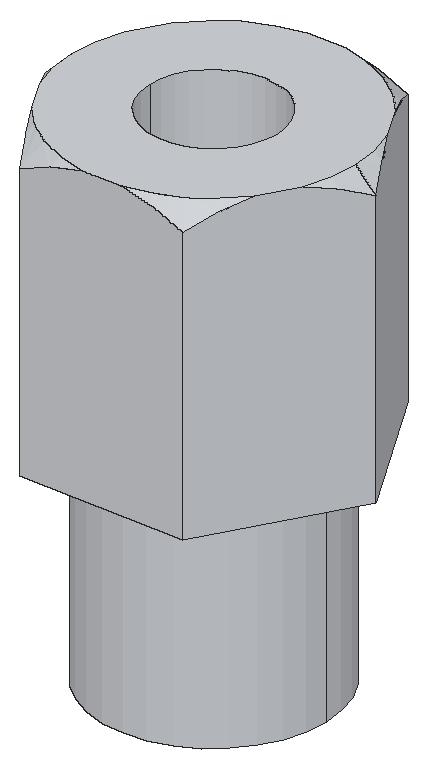
Revit family "RRHDWSTNTCP", category Generic Models, Revit 2018
Family settings
  Can host rebar = No
  Round Connector Dimension = Use Diameter
  Part Type = Normal
  Work Plane-Based = Yes
  Always vertical = No
  Cut with Voids When Loaded = No
  Shared = Yes
  Room Calculation Point = No
Parameters (values of type "RRHDWSTNTCP3/8")
  Thread Radius = Thread Diameter / 2  # 0.1565"
  Thread Diameter = 0.3130"
  Sleeve Radius = Sleeve Diameter / 2  # 0.1930"
  Sleeve Diameter = 0.3860"
  Ship Complete Level [instance] = ""
  Required Date [instance] = ""
  Patent Information = "10495237, 10,697,562, 10,844,978, 11,262,000"
  Job [instance] = ""
  Hardware Material = none
  Group/Run [instance] = ""
  Description = "Turned rod coupler 3/8\"-16 for Tented Rocket Rack"
  Default Elevation = 48.0000"
  Custom [instance] = ""
  Catalog Number = "RRHDWSTNTCP3/8"
  Assembly Name [instance] = ""
  Assembly ID [instance] = ""
Types (2): name | Thread Radius | Thread Diameter | Sleeve Radius | Sleeve Diameter | Description | Catalog Number
  RRHDWSTNTCP3/8 | 0.1565" | 0.3130" | 0.1930" | 0.3860" | "Turned rod coupler 3/8\"-16 for Tented Rocket Rack" | "RRHDWSTNTCP3/8"
  RRHDWSTNTCP1/2 | 0.2110" | 0.4220" | 0.2530" | 0.5060" | "Turned rod coupler 1/2-13 for Tented Rocket Rack" | "RRHDWSTNTCP1/2"
Reference planes (in)
  plane 1 "Center (Front/Back)": y = 0
  plane 2: z = 0
  plane 3 "Center (Left/Right)": x = 0
  plane 4 "Front": y = -0.345
  plane 5 "Back": y = 0.345
  plane 6 "Hex Right": x = 0.39837
  plane 7 "Hex Left": x = -0.39837
  plane 8 "Right": x = 0.2775
  plane 9 "Left": x = -0.2775
  plane 10 "Top": z = 0.725
  plane 11 "Hex Bottom": z = 0
Forms (in)
  Extrusion 1, solid, material <- "Hardware Material"
    sketch origin (0, 0, 0) x (0, -1, 0) y (1, 0, 0)
      loop
        line (-0.345, -0.19919) -> (0, -0.39837) -> (0.345, -0.19919) -> (0.345, 0.19919) -> (0, 0.39837) -> (-0.345, 0.19919) -> (-0.345, -0.19919)
    from 0 to 0.725
  Revolve 2, void
    sketch origin (0, 0, 0.525) x (1, 0, 0) y (0, 0, 1)
      loop
        line (-0.29837, 0.25) -> (-0.44837, 0.25) -> (-0.44837, 0.1) -> (-0.29837, 0.25)
      axis (0, 0.25) -> (0, 0.1)
    angle from 0 to 360
  Extrusion 3, solid
    sketch origin (0, 0, 0) x (1, 0, 0) y (0, 1, 0)
      loop
        circle (0, 0) r 0.2775
    from -0.525 to 0
  Extrusion 4, void
    sketch origin (0, 0, 0) x (1, 0, 0) y (0, 1, 0)
      loop
        circle (0, 0) r 0.1565
    from 0 to 0.725
  Extrusion 5, void
    sketch origin (0, 0, 0) x (1, 0, 0) y (0, 1, 0)
      loop
        circle (0, 0) r 0.193
    from -0.525 to 0
Cuts and joins
  Revolve 2, Extrusion 4 cuts Extrusion 1
  Extrusion 5 cuts Extrusion 3
Dimensions and locks (in)
  "Thread Radius": radius of Extrusion 4 sketch curve
  "Sleeve Radius": radius of Extrusion 5 sketch curve
  aligned and locked: level to plane 2
  aligned and locked: Extrusion 1 to plane 10 "Top"
  aligned and locked: plane 11 "Hex Bottom" to Extrusion 1
  aligned and locked: Extrusion 3 to plane 11 "Hex Bottom"
Automatic sketch dimensions
  plane 5 "Back" to Extrusion 1 sketch curve = 0.0000"
  plane 1 "Center (Front/Back)" to Extrusion 1 sketch curve = 0.0000"  (x2)
  plane 4 "Front" to Extrusion 1 sketch curve = 0.0000"
  Extrusion 1 sketch curve to plane 7 "Hex Left" = 0.0000"
  Extrusion 1 sketch curve to plane 6 "Hex Right" = 0.0000"
  plane 9 "Left" to Extrusion 1 sketch curve = 0.07831"  (x2)
  Extrusion 1 sketch curve to plane 8 "Right" = 0.07831"  (x2)
  Revolve 2 sketch curve to plane 3 "Center (Left/Right)" = 0.0000"
  Revolve 2 sketch curve to plane 9 "Left" = 0.02087"
  Revolve 2 sketch curve to plane 7 "Hex Left" = 0.0500"
  plane 10 "Top" to Revolve 2 sketch curve = 0.1000"
  Revolve 2 sketch curve to plane 10 "Top" = 0.0500"
  plane 10 "Top" to Revolve 2 sketch curve = 0.11897"
  Revolve 2 sketch curve to plane 10 "Top" = 0.05966"
  plane 1 "Center (Front/Back)" to Extrusion 3 sketch curve = 0.0000"
  Extrusion 3 sketch curve to plane 3 "Center (Left/Right)" = 0.0000"
  plane 1 "Center (Front/Back)" to Extrusion 4 sketch curve = 0.0000"
  Extrusion 4 sketch curve to plane 3 "Center (Left/Right)" = 0.0000"
  plane 1 "Center (Front/Back)" to Extrusion 5 sketch curve = 0.0000"
  Extrusion 5 sketch curve to plane 3 "Center (Left/Right)" = 0.0000"
  radius of Extrusion 3 sketch curve = 0.2775"
